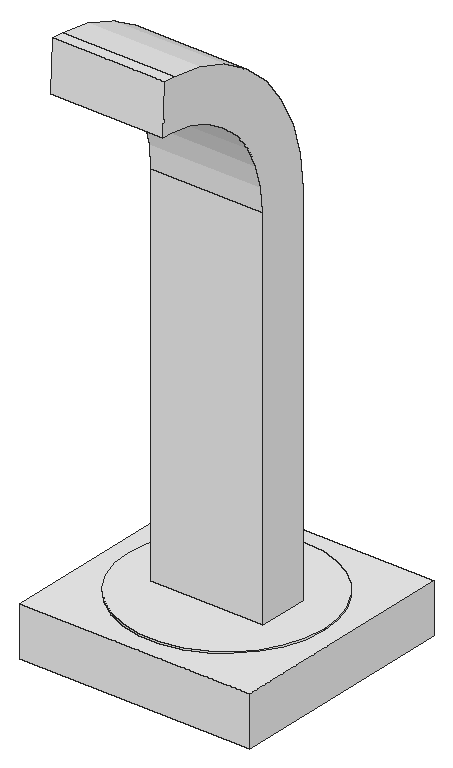
Revit family "Spout-GROHE-Allure-13265000", category Plumbing Fixtures, host Face, Revit 2014
Parameters (values of type "13265000")
  Width = 2 97/128"  # constant formula
  Warranty Documentation Link = "https://cdn.cloud.grohe.com/tpi/1000/1900/1940/1949/1949006/original/1949006.pdf"
  URL = "https://www.grohe.us/"
  Type Comments = ""
  Tempered Connection Radius = Tempered Connection Diameter / 2  # 1/4"
  Tempered Connection Diameter = Hot Water Connection Diameter  # 1/2"
  Shipping Weight = 2.183 lbf
  Product Page URL = "https://www.grohe.us/en_us/grohe-allure-tub-spout-13265000.html"
  Price = "Prices may vary. Please consult Manufacturer Representative for most up-to-date price list."  # constant formula
  Model = "13265000"
  Material = "Metal-Grohe-000-Chrome"
  Manufacturer = "Grohe"
  Length = 6 99/128"  # constant formula
  Installation Type = "Wall Mounted"
  Hot Water Connection Radius = Hot Water Connection Diameter / 2  # 1/4"
  Hot Water Connection Diameter = Cold Water Connection Diameter  # 1/2"
  Height = 2 97/128"  # constant formula
  Flow Rate = "1.5 gpm (5.7 L/min)"  # constant formula
  Finish = Metal-Grohe-000-Chrome
  Description = "Allure Tub spout"
  Default Elevation = 21"  # constant formula
  Creation Date = "07/06/2017"  # constant formula
  Cold Water Connection Radius = 1/4"  # constant formula
  Cold Water Connection Diameter = Cold Water Connection Radius * 2  # 1/2"
  Assembly Code = "D2020300"
Reference planes (in)
  plane 1 "Center (Front/Back)": y = 0
  plane 2: z = 0
  plane 3 "Center (Left/Right)": x = 0
  plane 4: x = 1.375
  plane 5: y = 1.37795
  plane 6: y = -1.37795
  plane 7: x = -1.375
  plane 8: z = 6.77165
Forms (in)
  Extrusion 1, solid, material "Metal-Grohe-000-Chrome" <- "Finish"
    sketch origin (0, 0, 0) x (1, 0, 0) y (0, 1, 0)
      loop
        line (-1.375, 1.37795) -> (-1.375, -1.37795) -> (1.375, -1.37795) -> (1.375, 1.37795) -> (-1.375, 1.37795)
    from 0 to 0.59055
  Extrusion 2, solid, material "Metal-Grohe-000-Chrome" <- "Finish"
    sketch origin (0, 0, 0) x (1, 0, 0) y (0, 1, 0)
      loop
        circle (0, 0) r 1.16957
    from 0 to 0.6063
  Sweep 3, solid, material "Metal-Grohe-000-Chrome" <- "Finish"
    path origin (0, 0, 0) x (0, 1, 0) y (0, 0, 1)
      loop
        line (0, 0.29528) -> (0, 5.03244)
        arc (0, 5.03244) -> (-0.4744, 6.2305) -> (-1.64039, 6.77901) r 1.75
        line (-1.64039, 6.77901) -> (-1.78266, 6.78793)
    profile origin (0, 0, 2.66386) x (0, -1, 0) y (1, 0, 0)
      loop
        line (-0.29528, -0.66929) -> (0.29528, -0.66929) -> (0.29528, 0.66929) -> (-0.29528, 0.66929) -> (-0.29528, -0.66929)
Cuts and joins
  joined: Extrusion 1, Extrusion 2, Sweep 3
Lines and regions (in)
  Masking region 1
    outline origin (0, 0, 0) x (1, 0, 0) y (0, 0, 1)
      loop
        line (1.375, 0) -> (1.375, 0.59055) -> (0.66929, 0.59055) -> (0.66929, 7.08263) -> (-0.66929, 7.08263) -> (-0.66929, 0.59055) -> (-1.375, 0.59055) -> (-1.375, 0) -> (1.375, 0)
  symbolic lines, style "PlumbingFixtures", detail levels medium+fine
    curve 1: line (0.66929, 0, 0.59055) -> (-0.66929, 0, 0.59055)
Dimensions and locks (in)
  plane 8 to level = 6.77165"
  equal spacing: Sweep 3 sketch curve, profile plane, Sweep 3 sketch curve
  aligned and locked: plane 2 to host face
  aligned and locked: level to host face
Connectors (in)
  piping at (0, 0, 0), diameter 0.5, driven by "Tempered Connection Diameter"
    settings: on cut or joined group of Extrusion 1, Extrusion 2, Sweep 3, index 1, connector inside diameter 24", connector length 0", flow factor 0, pipe flow 0 GPM, pressure drop 0.00 psi, fitting loss kfactor 0, connector angle 0.00°, fixture units 0, engagement length 0", angle of deflection 0.00°, flow configuration 0, flow direction 1, fitting loss method 0, system type 29, joint type 0, gender type 0, connector reference index -1, connector utility 0, adjustable connector no, is connector primary yes, connector description "1/2\" NPT Supply Inlet"
